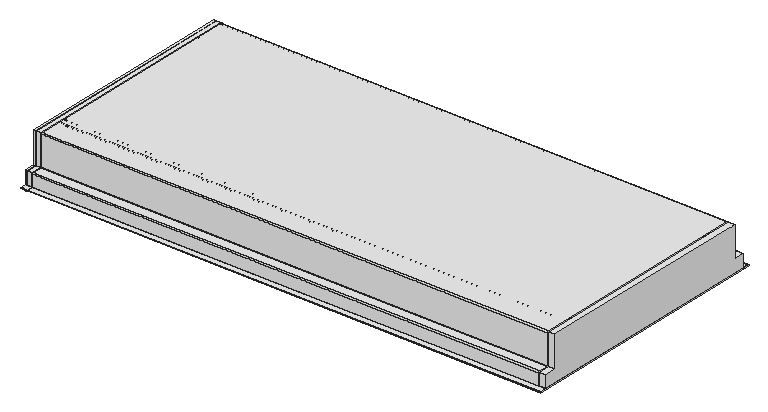
Revit family "MD1U-C84(G)", category Lighting Fixtures, host Ceiling, Revit 2019
Family settings
  Host = Ceiling
  Round Connector Dimension = Use Diameter
  Part Type = Normal
  OmniClass Number = 23.80.70.11.14.17
  OmniClass Title = Direct/Indirect
  Always vertical = Yes
  Cut with Voids When Loaded = No
  Light Source = Yes
  Shared = No
  Room Calculation Point = No
Parameters (values of type "MD1UI2X4-LED840K125LUNV-C84(G)C97(3)-Reading")
  Width = 1' - 11 3/4"
  Wattage = 19 W
  built-in parameter 1150110 = 1 (stored number, unit not read)
  Voltage = 120 V
  URL = "https://www.viscor.com/en/products/md1u-patient-room"
  built-in parameter 1114217 = 0.9 (stored number, unit not read)
  Tilt Angle = 90.00°
  built-in parameter 1150109 = 1 (stored number, unit not read)
  built-in parameter 1150134 = 12
  built-in parameter 1150113 = 1 (stored number, unit not read)
  Photometric Web File = "MD1UI2X4-LED840K125LUNV-C84(G)C97(3)-Reading.ies"
  Model = "MD1U Patient Room"  # constant formula
  Manufacturer = "CERTOLUX by VISCOR"  # constant formula
  Lumens = 1995 lm
  built-in parameter 1150115 = 1 (stored number, unit not read)
  built-in parameter 1150105 = 158.76 (stored number, unit not read)
  built-in parameter 1150137 = (empty or 0)
  built-in parameter 1150139 = (empty or 0)
  Lens Finish = Polycarbonate - Viscor - Clear Flat Smooth Lens
  Length = 3' - 11 3/4"
  Lamp Wattage = 19 VA
  built-in parameter 1150112 = 1 (stored number, unit not read)
  built-in parameter 1150114 = 1 (stored number, unit not read)
  Lamp = "LED"  # constant formula
  built-in parameter 1150132 = (empty or 0)
  built-in parameter 1150102 = (empty or 0)
  built-in parameter 1150138 = (empty or 0)
  built-in parameter 1150107 = 4000 (stored number, unit not read)
  built-in parameter 1150106 = 1.5876 (stored number, unit not read)
  Housing Finish = Metal - Viscor - White
  Emit from Rectangle Width = Width  # 1' - 11 3/4"
  Emit from Rectangle Length = Length  # 3' - 11 3/4"
  Emit Shape Visible in Rendering = no
  built-in parameter 1150104 = 9.7548 (stored number, unit not read)
  Dimming Lamp Color Temperature Shift = <None>
  Diffuser Finish = Polycarbonate - Viscor - Frosted Formed
  Description = "LED Medical 1 Recessed Patient Room"  # constant formula
  Color Filter = 16777215
  built-in parameter 1114218 = 1 (stored number, unit not read)
  built-in parameter 1150133 = 10 (stored number, unit not read)
  Assembly Code = "D5020200"
  Apparent Load = Lamp Wattage  # 19 VA
Types (8): name | Wattage | Photometric Web File | Lumens | built-in parameter 1150105 | Length | Lamp Wattage | built-in parameter 1150106 | Emit from Rectangle Length | built-in parameter 1150104 | Apparent Load
  (no name) | 19 W | "MD1UI2X4-LED840K125LUNV-C84(G)C97(3)-Reading.ies" | 1995 lm | 158.76 (stored number, unit not read) | 3' - 11 3/4" | 19 VA | 1.5876 (stored number, unit not read) | 3' - 11 3/4" | 9.7548 (stored number, unit not read) | 19 VA
  MD1UI2X2-LED840K090LUNV-C84(G)C97(2)-Ambient | 27 W | "MD1UI2X2-LED840K090LUNV-C84(G)C97(2)-Ambient.ies" | 2997 lm | 238.49 (stored number, unit not read) | 1' - 11 3/4" | 27 VA | 2.3849 (stored number, unit not read) | 1' - 11 3/4" | 10.312 (stored number, unit not read) | 27 VA
  MD1UI2X4-LED840K125LUNV-C84(G)C97(2)-Exam | 113 W | "MD1UI2X4-LED840K125LUNV-C84(G)C97(2)-Exam.ies" | 12543 lm | 998.14 (stored number, unit not read) | 3' - 11 3/4" | 113 VA | 9.9814 (stored number, unit not read) | 3' - 11 3/4" | 10.312 (stored number, unit not read) | 113 VA
  MD1UI2X2-LED840K090LUNV-C84(G)C97(2)-Exam | 79 W | "MD1UI2X2-LED840K090LUNV-C84(G)C97(2)-Exam.ies" | 9006 lm | 716.67 (stored number, unit not read) | 1' - 11 3/4" | 79 VA | 7.1667 (stored number, unit not read) | 1' - 11 3/4" | 10.591 (stored number, unit not read) | 79 VA
  MD1UI2X4-LED840K125LUNV-C84(G)C97(2)-Ambient | 40 W | "MD1UI2X4-LED840K125LUNV-C84(G)C97(2)-Ambient.ies" | 4480 lm | 356.51 (stored number, unit not read) | 3' - 11 3/4" | 40 VA | 3.5651 (stored number, unit not read) | 3' - 11 3/4" | 10.405 (stored number, unit not read) | 40 VA
  MD1UI2X4-LED840K125LUNV-C84(G)C97(3)-Ambient | 40 W | "MD1UI2X4-LED840K125LUNV-C84(G)C97(3)-Ambient.ies" | 4480 lm | 356.51 (stored number, unit not read) | 3' - 11 3/4" | 4 VA | 3.5651 (stored number, unit not read) | 3' - 11 3/4" | 10.405 (stored number, unit not read) | 4 VA
  MD1UI2X4-LED840K125LUNV-C84(G)C97(3)-Exam | 113 W | "MD1UI2X4-LED840K125LUNV-C84(G)C97(3)-Exam.ies" | 12543 lm | 998.14 (stored number, unit not read) | 3' - 11 3/4" | 113 VA | 9.9814 (stored number, unit not read) | 3' - 11 3/4" | 10.312 (stored number, unit not read) | 113 VA
  MD1UI2X4-LED840K125LUNV-C84(G)C97(3)-Reading | 19 W | "MD1UI2X4-LED840K125LUNV-C84(G)C97(3)-Reading.ies" | 1995 lm | 158.76 (stored number, unit not read) | 3' - 11 3/4" | 19 VA | 1.5876 (stored number, unit not read) | 3' - 11 3/4" | 9.7548 (stored number, unit not read) | 19 VA
Reference planes (in)
  plane 1 "Light Source Axis (F/B)": y = 0
  plane 2 "Ceiling": z = 96
  plane 3 "Light Source Axis (L/R)": x = 0
  plane 4 "Light Source Elevation": z = 96
  plane 5: y = 11.875
  plane 6: y = -11.875
  plane 7 "Left": x = -23.875
  plane 8 "Right": x = 23.875
  plane 9: x = -23.25
  plane 10: x = 23.25
  plane 11: x = -22.625
  plane 12: x = 22.625
  plane 13 "USofFrame": z = 96.045
  plane 14: y = -11.25
  plane 15: y = 11.25
  plane 16 "Lens": z = 96.17
  plane 17: x = -22
  plane 18: x = 22
Forms (in)
  Extrusion 1, solid, material "Metal - Viscor - White" <- "Housing Finish"
    sketch origin (0, 0, 0) x (0, 1, 0) y (0, 0, 1)
      loop
        arc (11.3015, 97.168) -> (11.28217, 97.21467) -> (11.2355, 97.234) r 0.066
        line (11.2355, 97.234) -> (10.3115, 97.234)
        arc (10.3115, 97.234) -> (10.29029, 97.24279) -> (10.2815, 97.264) r 0.03
        line (10.2815, 97.264) -> (10.2815, 100.007)
        arc (10.2815, 100.007) -> (10.26217, 100.05367) -> (10.2155, 100.073) r 0.066
        line (10.2155, 100.073) -> (-10.2155, 100.073)
        arc (-10.2155, 100.073) -> (-10.26217, 100.05367) -> (-10.2815, 100.007) r 0.066
        line (-10.2815, 100.007) -> (-10.2815, 97.264)
        arc (-10.2815, 97.264) -> (-10.29029, 97.24279) -> (-10.3115, 97.234) r 0.03
        line (-10.3115, 97.234) -> (-11.2355, 97.234)
        arc (-11.2355, 97.234) -> (-11.28217, 97.21467) -> (-11.3015, 97.168) r 0.066
        line (-11.3015, 97.168) -> (-11.3015, 96.073) -> (-11.26634, 96.073) -> (-11.26634, 97.168)
        arc (-11.26634, 97.168) -> (-11.25731, 97.18981) -> (-11.2355, 97.19884) r 0.03084
        line (-11.2355, 97.19884) -> (-10.3115, 97.19884)
        arc (-10.3115, 97.19884) -> (-10.26543, 97.21793) -> (-10.24634, 97.264) r 0.06516
        line (-10.24634, 97.264) -> (-10.24634, 100.007)
        arc (-10.24634, 100.007) -> (-10.23731, 100.02881) -> (-10.2155, 100.03784) r 0.03084
        line (-10.2155, 100.03784) -> (10.2155, 100.03784)
        arc (10.2155, 100.03784) -> (10.23731, 100.02881) -> (10.24634, 100.007) r 0.03084
        line (10.24634, 100.007) -> (10.24634, 97.264)
        arc (10.24634, 97.264) -> (10.26543, 97.21793) -> (10.3115, 97.19884) r 0.06516
        line (10.3115, 97.19884) -> (11.2355, 97.19884)
        arc (11.2355, 97.19884) -> (11.25731, 97.18981) -> (11.26634, 97.168) r 0.03084
        line (11.26634, 97.168) -> (11.26634, 96.073) -> (11.3015, 96.073) -> (11.3015, 97.168)
    from -23.25 to 23.25
  Extrusion 2, solid
    sketch origin (0, 0, 0) x (0, 1, 0) y (0, 0, 1)
      loop
        arc (7.664, 100.03702) -> (7.61097, 100.01506) -> (7.58901, 99.96204) r 0.07499
        line (7.58901, 99.96204) -> (7.589, 99.487)
        arc (7.589, 99.487) -> (7.57758, 99.45942) -> (7.55, 99.448) r 0.039
        line (7.55, 99.448) -> (-7.55, 99.448)
        arc (-7.55, 99.448) -> (-7.57758, 99.45942) -> (-7.589, 99.487) r 0.039
        line (-7.589, 99.487) -> (-7.589, 99.96195)
        arc (-7.589, 99.96195) -> (-7.61097, 100.01498) -> (-7.664, 100.037) r 0.075
        line (-7.664, 100.037) -> (-8.214, 100.037) -> (-8.214, 100.00184) -> (-7.664, 100.00179)
        arc (-7.664, 100.00179) -> (-7.63583, 99.99012) -> (-7.62416, 99.96195) r 0.03984
        line (-7.62416, 99.96195) -> (-7.62416, 99.487)
        arc (-7.62416, 99.487) -> (-7.60244, 99.43456) -> (-7.55, 99.41284) r 0.07416
        line (-7.55, 99.41284) -> (7.55, 99.41284)
        arc (7.55, 99.41284) -> (7.60244, 99.43456) -> (7.62417, 99.487) r 0.07416
        line (7.62417, 99.487) -> (7.62417, 99.96204)
        arc (7.62417, 99.96204) -> (7.63583, 99.9902) -> (7.664, 100.00187) r 0.03983
        line (7.664, 100.00187) -> (8.214, 100.00187) -> (8.214, 100.03702) -> (7.664, 100.03702)
    from -23.25 to 23.25
  Extrusion 3, solid, material "Metal - Viscor - White" <- "Housing Finish"
    sketch origin (0, 0, 0) x (0, 1, 0) y (0, 0, 1)
      loop
        line (11.299, 96.095) -> (11.299, 97.234) -> (10.2815, 97.234) -> (10.2815, 100.073) -> (-10.2815, 100.073) -> (-10.2815, 97.234) -> (-11.3015, 97.234) -> (-11.3015, 96.095) -> (11.299, 96.095)
    from -23.875 to -23.25
  Extrusion 4, void
    sketch origin (-23.25, 0, 0) x (0, -1, 0) y (0, 0, 1)
      loop
        line (10.24634, 100.03784) -> (-10.24634, 100.03784) -> (-10.24634, 97.19884) -> (-11.26384, 97.19884) -> (-11.26384, 95.874) -> (11.26634, 95.874) -> (11.26634, 97.19884) -> (10.24634, 97.19884) -> (10.24634, 100.03784)
    from 0 to 0.47339
  Extrusion 5, solid, material "Metal - Viscor - White" <- "Housing Finish"
    sketch origin (0, 0, 0) x (0, 1, 0) y (0, 0, -1)
      loop
        line (11.299, -96.095) -> (-11.3015, -96.095) -> (-11.3015, -97.234) -> (-10.2815, -97.234) -> (-10.2815, -100.073) -> (10.2815, -100.073) -> (10.2815, -97.234) -> (11.299, -97.234) -> (11.299, -96.095)
    from -23.875 to -23.25
  Extrusion 6, void
    sketch origin (23.25, 0, 0) x (0, -1, 0) y (0, 0, -1)
      loop
        line (10.24634, -100.03784) -> (10.24634, -97.19884) -> (11.26634, -97.19884) -> (11.26634, -96.13016) -> (-11.26384, -96.13016) -> (-11.26384, -97.19884) -> (-10.24634, -97.19884) -> (-10.24634, -100.03784) -> (10.24634, -100.03784)
    from 0 to 0.47339
  Extrusion 7, solid, material "Metal - Viscor - White" <- "Housing Finish"
    sketch origin (0, 0, 0) x (0, 1, 0) y (0, 0, 1)
      loop
        line (10.39827, 96.724) -> (9.1406, 97.23213) -> (7.45632, 99.38791)
        arc (7.45632, 99.38791) -> (7.43432, 99.40566) -> (7.40677, 99.412) r 0.063
        line (7.40677, 99.412) -> (6.8125, 99.412) -> (6.8125, 99.38075) -> (7.42226, 99.38075) -> (9.12113, 97.20629) -> (10.38657, 96.69503) -> (10.39827, 96.724)
    from -22.625 to 22.625
  Extrusion 8, solid, material "Metal - Viscor - White" <- "Housing Finish"
    sketch origin (0, 0, 0) x (0, -1, 0) y (0, 0, -1)
      loop
        line (10.39827, -96.724) -> (10.38657, -96.69503) -> (9.12113, -97.20629) -> (7.42226, -99.38075) -> (6.8125, -99.38075) -> (6.8125, -99.412) -> (7.40677, -99.412)
        arc (7.40677, -99.412) -> (7.43432, -99.40566) -> (7.45632, -99.38791) r 0.063
        line (7.45632, -99.38791) -> (9.1406, -97.23213) -> (10.39827, -96.724)
    from -22.625 to 22.625
  Extrusion 9, solid, material "Metal - Viscor - White" <- "Housing Finish"
    sketch origin (0, 0, 0) x (0, 1, 0) y (0, 0, 1)
      loop
        line (11.8745, 96) -> (11.8745, 96.04687) -> (11.2715, 96.04688)
        arc (11.2715, 96.04688) -> (11.24313, 96.05863) -> (11.23067, 96.087) r 0.04012
        line (11.23067, 96.087) -> (11.23067, 96.63488) -> (-11.23138, 96.63488) -> (-11.23138, 96.087)
        arc (-11.23138, 96.087) -> (-11.24313, 96.05863) -> (-11.2715, 96.04687) r 0.04012
        line (-11.2715, 96.04687) -> (-11.8745, 96.04687) -> (-11.8745, 96) -> (-11.2715, 96)
        arc (-11.2715, 96) -> (-11.20998, 96.02548) -> (-11.1845, 96.087) r 0.087
        line (-11.1845, 96.087) -> (-11.1845, 96.588) -> (11.18379, 96.588) -> (11.1845, 96.087)
        arc (11.1845, 96.087) -> (11.20998, 96.02548) -> (11.2715, 96) r 0.087
        line (11.2715, 96) -> (11.8745, 96)
    from -23.875 to 23.875
  Extrusion 10, solid, material "Metal - Viscor - White" <- "Housing Finish"
    sketch origin (0, 0, 96) x (1, 0, 0) y (0, 1, 0)
      loop
        line (-23.875, -11.875) -> (-23.25, -11.875) -> (-23.25, 11.875) -> (-23.875, 11.875) -> (-23.875, -11.875)
    from 0 to 0.045
  Extrusion 11, solid, material "Metal - Viscor - White" <- "Housing Finish"
    sketch origin (0, 0, 96) x (1, 0, 0) y (0, 1, 0)
      loop
        line (23.25, -11.875) -> (23.875, -11.875) -> (23.875, 11.875) -> (23.25, 11.875) -> (23.25, -11.875)
    from 0 to 0.045
  Extrusion 12, solid, material "Metal - Viscor - White" <- "Housing Finish"
    sketch origin (0, 0, 96) x (1, 0, 0) y (0, 1, 0)
      loop
        line (-23.25, -11.25) -> (23.25, -11.25) -> (23.25, 11.25) -> (-23.25, 11.25) -> (-23.25, -11.25)
      loop
        line (-22, -10) -> (22, -10) -> (22, 10) -> (-22, 10) -> (-22, -10)
    from 0 to 0.045
  Extrusion 13, void
    sketch origin (0, 0, 96) x (1, 0, 0) y (0, 1, 0)
      loop
        line (-22.25, -10.25) -> (22.25, -10.25) -> (22.25, 10.25) -> (-22.25, 10.25) -> (-22.25, -10.25)
    from 0.045 to 0.17
  Extrusion 14, void
    sketch origin (43.99109, -53.88196, 0) x (1, 0, 0) y (0, 1, 0)
      loop
        line (-67.86609, 65.75696) -> (-67.86609, 42.00696) -> (-20.11609, 42.00696) -> (-20.11609, 65.75696) -> (-67.86609, 65.75696)
    from 95.76489 to 101
  Extrusion 15, solid, material "Polycarbonate - Viscor - Frosted Formed" <- "Diffuser Finish"
    sketch origin (0, 0, 0) x (0, 1, 0) y (0, 0, 1)
      loop
        line (9.88126, 96.04603) -> (2.53279, 97.20992)
        arc (2.53279, 97.20992) -> (2.47234, 97.19456) -> (2.44186, 97.14015) r 0.079
        line (2.44186, 97.14015) -> (2.37415, 96.49592)
        arc (2.37415, 96.49592) -> (2.36146, 96.47102) -> (2.33537, 96.461) r 0.039
        line (2.33537, 96.461) -> (-2.33537, 96.461)
        arc (-2.33537, 96.461) -> (-2.36146, 96.47102) -> (-2.37415, 96.49592) r 0.039
        line (-2.37415, 96.49592) -> (-2.44186, 97.14015)
        arc (-2.44186, 97.14015) -> (-2.47234, 97.19456) -> (-2.53279, 97.20992) r 0.079
        line (-2.53279, 97.20992) -> (-9.88126, 96.04603) -> (-9.875, 96.00652) -> (-2.52653, 97.17041)
        arc (-2.52653, 97.17041) -> (-2.49669, 97.16283) -> (-2.48165, 97.13596) r 0.039
        line (-2.48165, 97.13596) -> (-2.41394, 96.49174)
        arc (-2.41394, 96.49174) -> (-2.38823, 96.44129) -> (-2.33537, 96.421) r 0.079
        line (-2.33537, 96.421) -> (2.33537, 96.421)
        arc (2.33537, 96.421) -> (2.38823, 96.44129) -> (2.41394, 96.49174) r 0.079
        line (2.41394, 96.49174) -> (2.48165, 97.13596)
        arc (2.48165, 97.13596) -> (2.49669, 97.16283) -> (2.52653, 97.17041) r 0.039
        line (2.52653, 97.17041) -> (9.875, 96.00652) -> (9.88126, 96.04603)
    from -22 to 22
  Extrusion 16, solid, material "Polycarbonate - Viscor - Clear Flat Smooth Lens" <- "Lens Finish"
    sketch origin (0, 0, 0) x (0, 1, 0) y (0, 0, 1)
      loop
        line (10.125, 96.05) -> (10.125, 96.175) -> (-10.125, 96.175) -> (-10.125, 96.05) -> (10.125, 96.05)
    from -22.625 to 22.625
Cuts and joins
  Extrusion 4, Extrusion 6 cuts Extrusion 2
  Extrusion 4, Extrusion 6 cuts Extrusion 3
  Extrusion 6 cuts Extrusion 5
Dimensions and locks (in)
  equal spacing: host sketch curve, plane 3 "Light Source Axis (L/R)", host sketch curve
  equal spacing: host sketch curve, plane 1 "Light Source Axis (F/B)", host sketch curve
  host sketch curve to host sketch curve = 10' - 0"  (x2)
  equal spacing: plane 7 "Left", plane 3 "Light Source Axis (L/R)", plane 8 "Right"
  "Length": plane 7 "Left" to plane 8 "Right"
  equal spacing: plane 5, plane 1 "Light Source Axis (F/B)", plane 6
  "Width": plane 5 to plane 6
  locked: plane 11 to plane 9 at 0.625
  locked: plane 7 "Left" to plane 9 at 0.625
  plane 12 to plane 10 = 0' - 0 5/8"
  plane 10 to plane 8 "Right" = 0' - 0 5/8"
  locked: plane 13 "USofFrame" to plane 2 "Ceiling" at 0.045
  equal spacing: plane 5, Extrusion 12 sketch curve, Extrusion 12 sketch curve
  equal spacing: plane 7 "Left", Extrusion 12 sketch curve, Extrusion 12 sketch curve
  locked: plane 6 to Extrusion 12 sketch curve at 0.625
  locked: plane 8 "Right" to Extrusion 12 sketch curve at 0.625
  plane 16 "Lens" to plane 13 "USofFrame" = 0' - 0 1/8"
  locked: plane 7 "Left" to plane 17 at 1.875
  locked: plane 18 to plane 8 "Right" at 1.875
  aligned and locked: plane 3 "Light Source Axis (L/R)" to imposter light
  aligned and locked: plane 1 "Light Source Axis (F/B)" to imposter light
  aligned and locked: plane 4 "Light Source Elevation" to imposter light
  aligned and locked: Extrusion 1 to plane 9
  aligned and locked: plane 10 to Extrusion 1
  aligned and locked: Extrusion 2 to plane 9
  aligned and locked: plane 10 to Extrusion 2
  aligned and locked: Extrusion 3 to plane 7 "Left"
  aligned and locked: plane 9 to Extrusion 3
  aligned and locked: Extrusion 7 to plane 11
  aligned and locked: plane 12 to Extrusion 7
  aligned and locked: Extrusion 8 to plane 11
  aligned and locked: plane 12 to Extrusion 8
  aligned and locked: plane 8 "Right" to cut or joined group of Extrusion 5, Extrusion 6
  aligned and locked: cut or joined group of Extrusion 5, Extrusion 6 to plane 10
  aligned and locked: Extrusion 9 to plane 7 "Left"
  aligned and locked: plane 8 "Right" to Extrusion 9
  aligned and locked: Extrusion 10 sketch curve to plane 7 "Left"
  aligned and locked: plane 9 to Extrusion 10 sketch curve
  aligned and locked: plane 13 "USofFrame" to Extrusion 10
  aligned and locked: Extrusion 11 sketch curve to plane 10
  aligned and locked: Extrusion 11 sketch curve to plane 6
  aligned and locked: plane 5 to Extrusion 11 sketch curve
  aligned and locked: plane 13 "USofFrame" to Extrusion 11
  aligned and locked: plane 13 "USofFrame" to Extrusion 12
  aligned and locked: Extrusion 13 to plane 13 "USofFrame"
  aligned and locked: plane 16 "Lens" to Extrusion 13
  aligned and locked: Extrusion 14 to plane 7 "Left"
  aligned and locked: plane 8 "Right" to Extrusion 14
  aligned and locked: Extrusion 14 to plane 6
  aligned and locked: plane 5 to Extrusion 14
  aligned and locked: Extrusion 15 to plane 17
  aligned and locked: plane 18 to Extrusion 15
  aligned and locked: Extrusion 16 to plane 11
  aligned and locked: plane 12 to Extrusion 16
Automatic sketch dimensions
  Extrusion 1 sketch curve to Extrusion 1 sketch curve = 0' - 0"  (x12)
  plane 2 "Ceiling" to Extrusion 1 sketch curve = 0' - 0.073"  (x2)
  plane 6 to Extrusion 1 sketch curve = 0' - 0.5735"
  Extrusion 1 sketch curve to Extrusion 1 sketch curve = 0' - 0 9/256"
  Extrusion 1 sketch curve to Extrusion 1 sketch curve = 0' - 0.03084"  (x4)
  Extrusion 1 sketch curve to Extrusion 1 sketch curve = 0' - 0.924"
  Extrusion 1 sketch curve to Extrusion 1 sketch curve = 0' - 0.03"  (x2)
  Extrusion 1 sketch curve to plane 5 = 0' - 1.6595"
  Extrusion 1 sketch curve to plane 5 = 0' - 0.6395"
  Extrusion 1 sketch curve to Extrusion 1 sketch curve = 0' - 1.095"  (x2)
  Extrusion 1 sketch curve to Extrusion 1 sketch curve = 0' - 2.743"
  Extrusion 2 sketch curve to Extrusion 2 sketch curve = 0' - 0"  (x18)
  plane 6 to Extrusion 2 sketch curve = 0' - 3.661"
  Extrusion 2 sketch curve to Extrusion 2 sketch curve = 0' - 0.55"  (x2)
  Extrusion 2 sketch curve to Extrusion 2 sketch curve = 0' - 0.03984"
  Extrusion 2 sketch curve to Extrusion 2 sketch curve = 0' - 0 9/256"  (x4)
  Extrusion 2 sketch curve to Extrusion 2 sketch curve = 0' - 0.039"  (x3)
  Extrusion 2 sketch curve to plane 5 = 0' - 4.325"
  Extrusion 2 sketch curve to Extrusion 2 sketch curve = 0' - 0.03901"
  Extrusion 2 sketch curve to Extrusion 2 sketch curve = 0' - 0.03983"
  plane 2 "Ceiling" to Extrusion 2 sketch curve = 0' - 3.41284"
  Extrusion 2 sketch curve to Extrusion 2 sketch curve = 0' - 0.47495"
  Extrusion 2 sketch curve to Extrusion 2 sketch curve = 0' - 0.47504"
  Extrusion 2 sketch curve to Extrusion 2 sketch curve = 0' - 0.00005"
  plane 2 "Ceiling" to Extrusion 3 sketch curve = 0' - 0.095"
  plane 6 to Extrusion 3 sketch curve = 0' - 0.5735"
  Extrusion 3 sketch curve to Extrusion 3 sketch curve = 0' - 1.02"
  Extrusion 3 sketch curve to plane 5 = 0' - 1.5935"
  Extrusion 3 sketch curve to plane 5 = 0' - 0.576"
  Extrusion 3 sketch curve to Extrusion 3 sketch curve = 0' - 1.139"  (x2)
  Extrusion 3 sketch curve to Extrusion 3 sketch curve = 0' - 2.839"
  Extrusion 3 to Extrusion 4 sketch curve = 0' - 0 9/256"  (x7)
  Extrusion 4 sketch curve to Extrusion 3 = 0' - 0.221"
  plane 2 "Ceiling" to Extrusion 5 sketch curve = 0' - 0.095"
  plane 6 to Extrusion 5 sketch curve = 0' - 0.5735"
  Extrusion 5 sketch curve to Extrusion 5 sketch curve = 0' - 1.02"
  Extrusion 5 sketch curve to plane 5 = 0' - 1.5935"
  Extrusion 5 sketch curve to plane 5 = 0' - 0.576"
  plane 2 "Ceiling" to Extrusion 5 sketch curve = 0' - 1.234"
  Extrusion 5 sketch curve to Extrusion 5 sketch curve = 0' - 1.139"
  Extrusion 5 sketch curve to Extrusion 5 sketch curve = 0' - 2.839"
  Extrusion 5 to Extrusion 6 sketch curve = 0' - 0 9/256"  (x8)
  Extrusion 7 sketch curve to plane 5 = 0' - 5 1/16"
  Extrusion 7 sketch curve to Extrusion 7 sketch curve = 0' - 0.59427"
  Extrusion 7 sketch curve to Extrusion 7 sketch curve = 0' - 0.01549"
  Extrusion 7 sketch curve to Extrusion 7 sketch curve = 0' - 0.03406"
  plane 2 "Ceiling" to Extrusion 7 sketch curve = 0' - 1.20629"
  Extrusion 7 sketch curve to Extrusion 7 sketch curve = 0' - 1.71436"
  plane 2 "Ceiling" to Extrusion 7 sketch curve = 0' - 1.23213"
  Extrusion 7 sketch curve to Extrusion 7 sketch curve = 0' - 0.01947"
  plane 2 "Ceiling" to Extrusion 7 sketch curve = 0' - 0.69503"
  Extrusion 7 sketch curve to Extrusion 7 sketch curve = 0' - 1.24597"
  Extrusion 7 sketch curve to Extrusion 7 sketch curve = 0' - 2.11687"
  Extrusion 7 sketch curve to Extrusion 7 sketch curve = 0' - 0.03175"
  Extrusion 7 sketch curve to Extrusion 7 sketch curve = 0' - 0.00716"
  Extrusion 7 sketch curve to Extrusion 7 sketch curve = 0' - 0 1/32"
  Extrusion 7 sketch curve to Extrusion 7 sketch curve = 0' - 0"
  Extrusion 8 sketch curve to plane 6 = 0' - 5 1/16"
  Extrusion 8 sketch curve to Extrusion 8 sketch curve = 0' - 0.59427"
  Extrusion 8 sketch curve to Extrusion 8 sketch curve = 0' - 0.01549"
  Extrusion 8 sketch curve to Extrusion 8 sketch curve = 0' - 0.03406"
  Extrusion 8 sketch curve to plane 2 "Ceiling" = 0' - 1.20629"
  Extrusion 8 sketch curve to Extrusion 8 sketch curve = 0' - 1.71436"
  Extrusion 8 sketch curve to plane 2 "Ceiling" = 0' - 1.23213"
  Extrusion 8 sketch curve to Extrusion 8 sketch curve = 0' - 0.01947"
  Extrusion 8 sketch curve to plane 2 "Ceiling" = 0' - 0.69503"
  Extrusion 8 sketch curve to Extrusion 8 sketch curve = 0' - 1.24597"
  Extrusion 8 sketch curve to Extrusion 8 sketch curve = 0' - 2.11687"
  Extrusion 8 sketch curve to Extrusion 8 sketch curve = 0' - 0.03175"
  Extrusion 8 sketch curve to Extrusion 8 sketch curve = 0' - 0.00716"
  Extrusion 8 sketch curve to Extrusion 8 sketch curve = 0' - 0 1/32"
  Extrusion 8 sketch curve to Extrusion 8 sketch curve = 0' - 0"
  Extrusion 9 sketch curve to Extrusion 9 sketch curve = 0' - 0"  (x15)
  plane 6 to Extrusion 9 sketch curve = 0' - 0.0005"
  plane 2 "Ceiling" to Extrusion 9 sketch curve = 0' - 0.087"  (x2)
  plane 6 to Extrusion 9 sketch curve = 0' - 0.6035"
  Extrusion 9 sketch curve to Extrusion 9 sketch curve = 0' - 0.04013"
  Extrusion 9 sketch curve to Extrusion 9 sketch curve = 0' - 0 3/64"  (x3)
  Extrusion 9 sketch curve to plane 5 = 0' - 0.69121"
  Extrusion 9 sketch curve to Extrusion 9 sketch curve = 0' - 0.04083"
  plane 2 "Ceiling" to Extrusion 9 sketch curve = 0' - 0 3/64"
  Extrusion 9 sketch curve to plane 2 "Ceiling" = 0' - 0"  (x2)
  Extrusion 9 sketch curve to Extrusion 9 sketch curve = 0' - 0.501"
  Extrusion 9 sketch curve to Extrusion 9 sketch curve = 0' - 0.00071"  (x2)
  Extrusion 9 sketch curve to plane 5 = 0' - 0.0005"
  Extrusion 10 sketch curve to plane 6 = 0' - 0"
  Extrusion 10 sketch curve to plane 5 = 0' - 0"
  Extrusion 11 sketch curve to plane 8 "Right" = 0' - 0"
  Extrusion 12 sketch curve to plane 9 = 0' - 0"
  plane 11 to Extrusion 12 sketch curve = 0' - 0 5/8"
  Extrusion 12 sketch curve to plane 12 = 0' - 0 5/8"
  Extrusion 12 sketch curve to Extrusion 12 sketch curve = 0' - 1 1/4"
  Extrusion 12 sketch curve to plane 5 = 0' - 1 7/8"
  Extrusion 12 sketch curve to plane 5 = 0' - 0 5/8"
  plane 11 to Extrusion 13 sketch curve = 0' - 0 3/8"
  Extrusion 13 sketch curve to plane 12 = 0' - 0 3/8"
  plane 6 to Extrusion 13 sketch curve = 0' - 1 5/8"
  Extrusion 13 sketch curve to plane 5 = 0' - 1 5/8"
  Extrusion 14 sketch curve to plane 5 = 1' - 11 3/4"
  Extrusion 14 sketch curve to plane 7 "Left" = 0' - 0"
  plane 7 "Left" to Extrusion 14 sketch curve = 3' - 11 3/4"
  Extrusion 14 sketch curve to Extrusion 14 sketch curve = 1' - 11 3/4"
  plane 2 "Ceiling" to Extrusion 15 sketch curve = 0' - 0.00652"  (x2)
  Extrusion 15 sketch curve to plane 5 = 0' - 2"
  plane 16 "Lens" to Extrusion 15 sketch curve = 0' - 1.00041"
  Extrusion 15 sketch curve to plane 1 "Light Source Axis (F/B)" = 0' - 2.52653"
  plane 13 "USofFrame" to Extrusion 15 sketch curve = 0' - 0.00103"  (x2)
  plane 16 "Lens" to Extrusion 15 sketch curve = 0' - 1.03992"
  Extrusion 15 sketch curve to Extrusion 15 sketch curve = 0' - 0.0061"  (x2)
  Extrusion 15 sketch curve to Extrusion 15 sketch curve = 0' - 0.03852"
  Extrusion 15 sketch curve to Extrusion 15 sketch curve = 0' - 0.03879"  (x4)
  Extrusion 15 sketch curve to Extrusion 15 sketch curve = 0' - 0"  (x8)
  Extrusion 15 sketch curve to Extrusion 15 sketch curve = 0' - 0.03978"  (x3)
  plane 16 "Lens" to Extrusion 15 sketch curve = 0' - 0.32592"
  Extrusion 15 sketch curve to Extrusion 15 sketch curve = 0' - 0.06771"  (x2)
  plane 16 "Lens" to Extrusion 15 sketch curve = 0' - 0.32174"
  Extrusion 15 sketch curve to Extrusion 15 sketch curve = 0' - 0.00408"  (x2)
  Extrusion 15 sketch curve to Extrusion 15 sketch curve = 0' - 0.039"
  Extrusion 15 sketch curve to Extrusion 15 sketch curve = 0' - 0.07857"
  plane 16 "Lens" to Extrusion 15 sketch curve = 0' - 0.96596"
  Extrusion 15 sketch curve to Extrusion 15 sketch curve = 0' - 0.00626"  (x2)
  plane 6 to Extrusion 15 sketch curve = 0' - 2"
  plane 16 "Lens" to Extrusion 16 sketch curve = 0' - 0.005"
  Extrusion 16 sketch curve to plane 5 = 0' - 1 3/4"
  plane 6 to Extrusion 16 sketch curve = 0' - 1 3/4"
  plane 13 "USofFrame" to Extrusion 16 sketch curve = 0' - 0.005"
Connectors (in)
  electrical at (0, 0, 96), driven by "Voltage", driven by "Apparent Load"
    settings: index 1, voltage 120 V, apparent load 0 VA, apparent load phase1 19 VA, apparent load phase2 0 VA, apparent load phase3 0 VA, power factor 1, load classification "Other", number of poles 1, system type 31, power factor state 1, is connector primary yes, connector utility no, sub classification motor no, connector description ""
